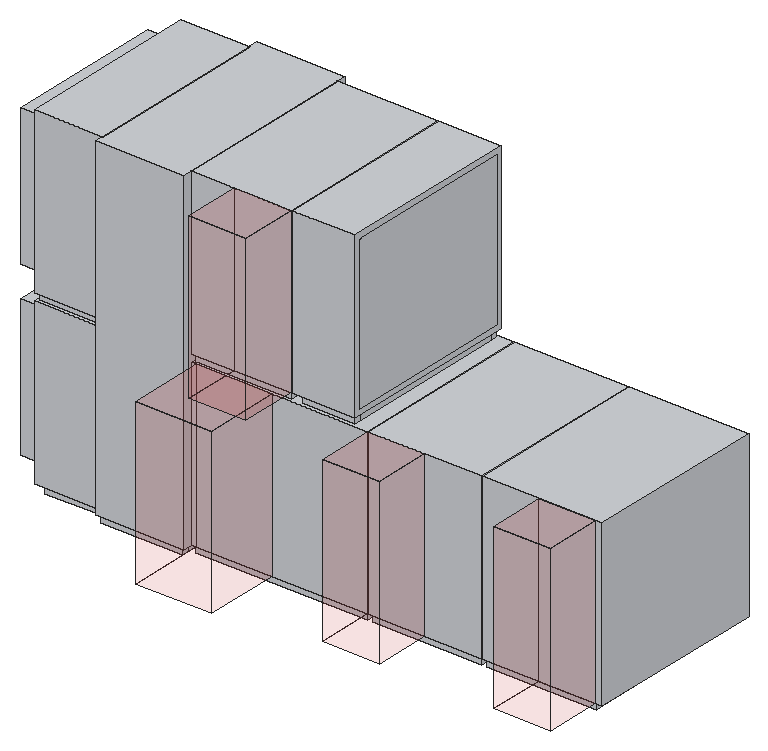
Revit family "Metric WinTADS Template 5", category Mechanical Equipment, Revit 2017
Family settings
  Round Connector Dimension = Use Diameter
  Part Type = Normal
  OmniClass Number = 23.75.00.00
  OmniClass Title = Climate Control (HVAC)
  Work Plane-Based = No
  Always vertical = Yes
  Cut with Voids When Loaded = No
  Shared = No
  Room Calculation Point = No
Parameters
  Mass = 1713.30 kg
Reference planes
  plane 1 "Center (Front/Back)": y = 0
  plane 2: z = 0
  plane 3 "Center (Left/Right)": x = 0
Forms (mm)
  Extrusion 1, solid
    sketch origin (0, 0, 0) x (1, 0, 0) y (0, 1, 0)
      loop
        line (-200, 1518) -> (-200, 180) -> (0, 180) -> (0, 1518) -> (-200, 1518)
    from 1540 to 2718
  Extrusion 2, solid
    sketch origin (0, 0, 0) x (1, 0, 0) y (0, 1, 0)
      loop
        line (130, 1488) -> (130, 310) -> (448, 310) -> (448, 1488) -> (130, 1488)
    from 1489 to 1599
  Extrusion 3, solid
    sketch origin (0, 0, 0) x (1, 0, 0) y (0, 1, 0)
      loop
        line (2693.543, 1569) -> (2693.543, 129) -> (2694.457, 129) -> (2694.457, 1569) -> (2693.543, 1569)
    from 1489 to 2769
  Extrusion 4, solid
    sketch origin (0, 0, 0) x (1, 0, 0) y (0, 1, 0)
      loop
        line (0, 1618) -> (0, 80) -> (578, 80) -> (578, 1618) -> (0, 1618)
    from 1440 to 2818
  Extrusion 5, solid
    sketch origin (0, 0, 0) x (1, 0, 0) y (0, 1, 0)
      loop
        line (0, 1618) -> (0, 80) -> (578, 80) -> (578, 1618) -> (0, 1618)
    from 0 to 1378
  Extrusion 6, solid
    sketch origin (0, 0, 0) x (1, 0, 0) y (0, 1, 0)
      loop
        line (578, 1698) -> (578, 0) -> (1316, 0) -> (1316, 1698) -> (578, 1698)
    from 0 to 2818
  Extrusion 7, solid
    sketch origin (0, 0, 0) x (1, 0, 0) y (0, 1, 0)
      loop
        line (1316, 1618) -> (1316, 80) -> (2165, 80) -> (2165, 1618) -> (1316, 1618)
    from 1440 to 2818
  Extrusion 8, solid
    sketch origin (0, 0, 0) x (1, 0, 0) y (0, 1, 0)
      loop
        line (2165, 1618) -> (2165, 80) -> (2694, 80) -> (2694, 1618) -> (2165, 1618)
    from 1440 to 2818
  Extrusion 9, solid
    sketch origin (0, 0, 0) x (1, 0, 0) y (0, 1, 0)
      loop
        line (1316, 1618) -> (1316, 80) -> (2805, 80) -> (2805, 1618) -> (1316, 1618)
    from 0 to 1378
  Extrusion 10, solid
    sketch origin (0, 0, 0) x (1, 0, 0) y (0, 1, 0)
      loop
        line (-200, 1518) -> (-200, 180) -> (0, 180) -> (0, 1518) -> (-200, 1518)
    from 100 to 1278
  Extrusion 11, solid
    sketch origin (0, 0, 0) x (1, 0, 0) y (0, 1, 0)
      loop
        line (4724.543, 1569) -> (4724.543, 129) -> (4725.457, 129) -> (4725.457, 1569) -> (4724.543, 1569)
    from 49 to 1329
  Extrusion 12, solid
    sketch origin (0, 0, 0) x (1, 0, 0) y (0, 1, 0)
      loop
        line (2805, 1618) -> (2805, 80) -> (3765, 80) -> (3765, 1618) -> (2805, 1618)
    from 0 to 1378
  Extrusion 13, solid
    sketch origin (0, 0, 0) x (1, 0, 0) y (0, 1, 0)
      loop
        line (3765, 1618) -> (3765, 80) -> (4774, 80) -> (4774, 1618) -> (3765, 1618)
    from 0 to 1378
  Extrusion 14, solid
    sketch origin (0, 0, 0) x (1, 0, 0) y (0, 1, 0)
      loop
        line (20, 155.5) -> (20, 106.5) -> (509, 106.5) -> (509, 155.5) -> (20, 155.5)
    from 1378 to 1440
  Extrusion 15, solid
    sketch origin (0, 0, 0) x (1, 0, 0) y (0, 1, 0)
      loop
        line (20, 1591.5) -> (20, 1542.5) -> (509, 1542.5) -> (509, 1591.5) -> (20, 1591.5)
    from 1378 to 1440
  Extrusion 16, solid
    sketch origin (0, 0, 0) x (1, 0, 0) y (0, 1, 0)
      loop
        line (20, 1542.5) -> (20, 155.5) -> (69, 155.5) -> (69, 1542.5) -> (20, 1542.5)
    from 1378 to 1440
  Extrusion 17, solid
    sketch origin (0, 0, 0) x (1, 0, 0) y (0, 1, 0)
      loop
        line (460, 1542.5) -> (460, 155.5) -> (509, 155.5) -> (509, 1542.5) -> (460, 1542.5)
    from 1378 to 1440
  Extrusion 18, solid
    sketch origin (0, 0, 0) x (1, 0, 0) y (0, 1, 0)
      loop
        line (69, 155.5) -> (69, 106.5) -> (558, 106.5) -> (558, 155.5) -> (69, 155.5)
    from -62 to 0
  Extrusion 19, solid
    sketch origin (0, 0, 0) x (1, 0, 0) y (0, 1, 0)
      loop
        line (69, 1591.5) -> (69, 1542.5) -> (558, 1542.5) -> (558, 1591.5) -> (69, 1591.5)
    from -62 to 0
  Extrusion 20, solid
    sketch origin (0, 0, 0) x (1, 0, 0) y (0, 1, 0)
      loop
        line (69, 1542.5) -> (69, 155.5) -> (118, 155.5) -> (118, 1542.5) -> (69, 1542.5)
    from -62 to 0
  Extrusion 21, solid
    sketch origin (0, 0, 0) x (1, 0, 0) y (0, 1, 0)
      loop
        line (509, 1542.5) -> (509, 155.5) -> (558, 155.5) -> (558, 1542.5) -> (509, 1542.5)
    from -62 to 0
  Extrusion 22, solid
    sketch origin (0, 0, 0) x (1, 0, 0) y (0, 1, 0)
      loop
        line (604, 75.5) -> (604, 26.5) -> (1290, 26.5) -> (1290, 75.5) -> (604, 75.5)
    from -62 to 0
  Extrusion 23, solid
    sketch origin (0, 0, 0) x (1, 0, 0) y (0, 1, 0)
      loop
        line (604, 1671.5) -> (604, 1622.5) -> (1290, 1622.5) -> (1290, 1671.5) -> (604, 1671.5)
    from -62 to 0
  Extrusion 24, solid, material "Clearance Zones"
    sketch origin (0, 0, 0) x (1, 0, 0) y (0, 1, 0)
      loop
        line (1685, 80) -> (1685, -400) -> (2165, -400) -> (2165, 80) -> (1685, 80)
    from 1440 to 2818
  Extrusion 25, solid, material "Clearance Zones"
    sketch origin (0, 0, 0) x (1, 0, 0) y (0, 1, 0)
      loop
        line (1365, 80) -> (1365, -560) -> (2005, -560) -> (2005, 80) -> (1365, 80)
    from 0 to 1378
  Extrusion 26, solid, material "Clearance Zones"
    sketch origin (0, 0, 0) x (1, 0, 0) y (0, 1, 0)
      loop
        line (2805, 80) -> (2805, -400) -> (3285, -400) -> (3285, 80) -> (2805, 80)
    from 0 to 1378
  Extrusion 27, solid, material "Clearance Zones"
    sketch origin (0, 0, 0) x (1, 0, 0) y (0, 1, 0)
      loop
        line (4245, 80) -> (4245, -400) -> (4725, -400) -> (4725, 80) -> (4245, 80)
    from 0 to 1378
  Extrusion 28, solid
    sketch origin (0, 0, 0) x (1, 0, 0) y (0, 1, 0)
      loop
        line (604, 1622.5) -> (604, 75.5) -> (653, 75.5) -> (653, 1622.5) -> (604, 1622.5)
    from -62 to 0
  Extrusion 29, solid
    sketch origin (0, 0, 0) x (1, 0, 0) y (0, 1, 0)
      loop
        line (1241, 1622.5) -> (1241, 75.5) -> (1290, 75.5) -> (1290, 1622.5) -> (1241, 1622.5)
    from -62 to 0
  Extrusion 30, solid
    sketch origin (0, 0, 0) x (1, 0, 0) y (0, 1, 0)
      loop
        line (1336, 155.5) -> (1336, 106.5) -> (2145, 106.5) -> (2145, 155.5) -> (1336, 155.5)
    from 1378 to 1440
  Extrusion 31, solid
    sketch origin (0, 0, 0) x (1, 0, 0) y (0, 1, 0)
      loop
        line (1336, 1591.5) -> (1336, 1542.5) -> (2145, 1542.5) -> (2145, 1591.5) -> (1336, 1591.5)
    from 1378 to 1440
  Extrusion 32, solid
    sketch origin (0, 0, 0) x (1, 0, 0) y (0, 1, 0)
      loop
        line (1336, 1542.5) -> (1336, 155.5) -> (1385, 155.5) -> (1385, 1542.5) -> (1336, 1542.5)
    from 1378 to 1440
  Extrusion 33, solid
    sketch origin (0, 0, 0) x (1, 0, 0) y (0, 1, 0)
      loop
        line (2096, 1542.5) -> (2096, 155.5) -> (2145, 155.5) -> (2145, 1542.5) -> (2096, 1542.5)
    from 1378 to 1440
  Extrusion 34, solid
    sketch origin (0, 0, 0) x (1, 0, 0) y (0, 1, 0)
      loop
        line (2234, 155.5) -> (2234, 106.5) -> (2674, 106.5) -> (2674, 155.5) -> (2234, 155.5)
    from 1378 to 1440
  Extrusion 35, solid
    sketch origin (0, 0, 0) x (1, 0, 0) y (0, 1, 0)
      loop
        line (2234, 1591.5) -> (2234, 1542.5) -> (2674, 1542.5) -> (2674, 1591.5) -> (2234, 1591.5)
    from 1378 to 1440
  Extrusion 36, solid
    sketch origin (0, 0, 0) x (1, 0, 0) y (0, 1, 0)
      loop
        line (2234, 1542.5) -> (2234, 155.5) -> (2283, 155.5) -> (2283, 1542.5) -> (2234, 1542.5)
    from 1378 to 1440
  Extrusion 37, solid
    sketch origin (0, 0, 0) x (1, 0, 0) y (0, 1, 0)
      loop
        line (2625, 1542.5) -> (2625, 155.5) -> (2674, 155.5) -> (2674, 1542.5) -> (2625, 1542.5)
    from 1378 to 1440
  Extrusion 38, solid
    sketch origin (0, 0, 0) x (1, 0, 0) y (0, 1, 0)
      loop
        line (1336, 155.5) -> (1336, 106.5) -> (2785, 106.5) -> (2785, 155.5) -> (1336, 155.5)
    from -62 to 0
  Extrusion 39, solid
    sketch origin (0, 0, 0) x (1, 0, 0) y (0, 1, 0)
      loop
        line (1336, 1591.5) -> (1336, 1542.5) -> (2785, 1542.5) -> (2785, 1591.5) -> (1336, 1591.5)
    from -62 to 0
  Extrusion 40, solid
    sketch origin (0, 0, 0) x (1, 0, 0) y (0, 1, 0)
      loop
        line (1336, 1542.5) -> (1336, 155.5) -> (1385, 155.5) -> (1385, 1542.5) -> (1336, 1542.5)
    from -62 to 0
  Extrusion 41, solid
    sketch origin (0, 0, 0) x (1, 0, 0) y (0, 1, 0)
      loop
        line (2736, 1542.5) -> (2736, 155.5) -> (2785, 155.5) -> (2785, 1542.5) -> (2736, 1542.5)
    from -62 to 0
  Extrusion 42, solid
    sketch origin (0, 0, 0) x (1, 0, 0) y (0, 1, 0)
      loop
        line (2825, 155.5) -> (2825, 106.5) -> (3745, 106.5) -> (3745, 155.5) -> (2825, 155.5)
    from -62 to 0
  Extrusion 43, solid
    sketch origin (0, 0, 0) x (1, 0, 0) y (0, 1, 0)
      loop
        line (2825, 1591.5) -> (2825, 1542.5) -> (3745, 1542.5) -> (3745, 1591.5) -> (2825, 1591.5)
    from -62 to 0
  Extrusion 44, solid
    sketch origin (0, 0, 0) x (1, 0, 0) y (0, 1, 0)
      loop
        line (2825, 1542.5) -> (2825, 155.5) -> (2874, 155.5) -> (2874, 1542.5) -> (2825, 1542.5)
    from -62 to 0
  Extrusion 45, solid
    sketch origin (0, 0, 0) x (1, 0, 0) y (0, 1, 0)
      loop
        line (3696, 1542.5) -> (3696, 155.5) -> (3745, 155.5) -> (3745, 1542.5) -> (3696, 1542.5)
    from -62 to 0
  Extrusion 46, solid
    sketch origin (0, 0, 0) x (1, 0, 0) y (0, 1, 0)
      loop
        line (3785, 155.5) -> (3785, 106.5) -> (4705, 106.5) -> (4705, 155.5) -> (3785, 155.5)
    from -62 to 0
  Extrusion 47, solid
    sketch origin (0, 0, 0) x (1, 0, 0) y (0, 1, 0)
      loop
        line (3785, 1591.5) -> (3785, 1542.5) -> (4705, 1542.5) -> (4705, 1591.5) -> (3785, 1591.5)
    from -62 to 0
  Extrusion 48, solid
    sketch origin (0, 0, 0) x (1, 0, 0) y (0, 1, 0)
      loop
        line (3785, 1542.5) -> (3785, 155.5) -> (3834, 155.5) -> (3834, 1542.5) -> (3785, 1542.5)
    from -62 to 0
  Extrusion 49, solid
    sketch origin (0, 0, 0) x (1, 0, 0) y (0, 1, 0)
      loop
        line (4656, 1542.5) -> (4656, 155.5) -> (4705, 155.5) -> (4705, 1542.5) -> (4656, 1542.5)
    from -62 to 0
Dimensions and locks
  aligned and locked: level to plane 2
Connectors
  hvac at (289, 899, 1599)
    settings: on Extrusion 2, index 6, duct flow 2777.78 L/s, flow factor 0, pres drop 34.6398 Pa, loss coef 0, conn angle 0.00°, conn width 318 mm, conn height 1178 mm, conn diameter 609.6 mm, duct sys type 1, conn prof type 1, flow config 0, flow direction 1, loss method 4, conn ref index -1, conn util no, is conn primary yes, conn desc ""
  hvac at (2694.457, 849, 2129)
    settings: on Extrusion 3, index 31, duct flow 2777.78 L/s, flow factor 0, pres drop 2.0 Pa, loss coef 0, conn angle 0.00°, conn width 1440 mm, conn height 1280 mm, conn diameter 609.6 mm, duct sys type 3, conn prof type 1, flow config 0, flow direction 1, loss method 4, conn ref index -1, conn util no, is conn primary no, conn desc ""
  hvac at (-200, 849, 2129)
    settings: on Extrusion 1, index 35, duct flow 2777.78 L/s, flow factor 0, pres drop 2.08073 Pa, loss coef 0, conn angle 0.00°, conn width 1338 mm, conn height 1178 mm, conn diameter 609.6 mm, duct sys type 3, conn prof type 1, flow config 0, flow direction 2, loss method 4, conn ref index -1, conn util no, is conn primary no, conn desc ""
  hvac at (-200, 849, 689)
    settings: on Extrusion 10, index 88, duct flow 2777.78 L/s, flow factor 0, pres drop 2.08073 Pa, loss coef 0, conn angle 0.00°, conn width 1338 mm, conn height 1178 mm, conn diameter 609.6 mm, duct sys type 1, conn prof type 1, flow config 0, flow direction 1, loss method 4, conn ref index -1, conn util no, is conn primary no, conn desc ""
  hvac at (4725.457, 849, 689)
    settings: on Extrusion 11, index 96, duct flow 2777.78 L/s, flow factor 0, pres drop 2.0 Pa, loss coef 0, conn angle 0.00°, conn width 1440 mm, conn height 1280 mm, conn diameter 609.6 mm, duct sys type 1, conn prof type 1, flow config 0, flow direction 2, loss method 4, conn ref index -1, conn util no, is conn primary no, conn desc ""
